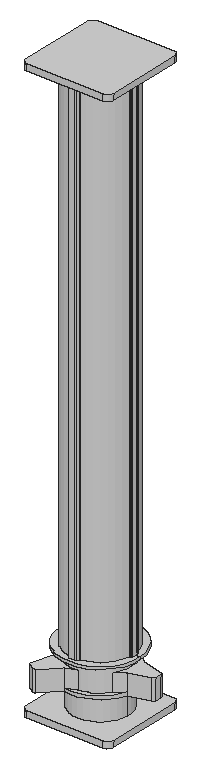
Revit family "EHL_ALUPROP 1-1,5_2220170", category Generic Models, Revit 2018
Family settings
  Can host rebar = No
  Round Connector Dimension = Use Diameter
  Part Type = Normal
  OmniClass Number = 35.51.14.00
  OmniClass Title = FORMWORK
  Work Plane-Based = Yes
  Always vertical = No
  Cut with Voids When Loaded = No
  Shared = Yes
  Room Calculation Point = No
Parameters
  VERSION = "20170217"  # constant formula
  URL = "www.ulmaconstruction.com/en"
  UNICLASS = ""
  Manufacturer = "ULMA CONSTRUCTION"  # constant formula
  ITEM_HEIGHT [instance] = if(HEIGHT < 1000.000 mm, 1000.000 mm, if(HEIGHT < 1500.000 mm, HEIGHT, 1500.000 mm))  # 1000.000 mm
  ITEM_CODE = "2220170"
  HEIGHT [instance] = 1000.000 mm
  FILTER [instance] = ""
  Default Elevation = 0.000 mm
  CLASSIFICATION_TITLE = ""
  CLASSIFICATION_NUMBER = ""
Reference planes
  plane 1 "Centro (Frontal/Posterior)": y = 0
  plane 2: z = 0
  plane 3 "Centro (Izquierda/Derecha)": x = 0
  plane 4 "ITEM_HEIGHT": z = 1000
  plane 5 "EXTERIOR TUBE": z = 53.002
  plane 6 "INSIDE TUBE": z = 915
  plane 7 "NUT": z = 106
  plane 8: z = 990
  plane 9: z = 10
  plane 10 "HEIGHT": z = 1000
Forms (mm)
  Extrusion 1, solid, material "ULMA ZINC"
    sketch origin (0, 0, 0) x (1, 0, 0) y (0, 1, 0)
      loop
        arc (-65, 75) -> (-72.071, 72.071) -> (-75, 65) r 10
        line (-75, 65) -> (-75, -65)
        arc (-75, -65) -> (-72.071, -72.071) -> (-65, -75) r 10
        line (-65, -75) -> (65, -75)
        arc (65, -75) -> (72.071, -72.071) -> (75, -65) r 10
        line (75, -65) -> (75, 65)
        arc (75, 65) -> (72.071, 72.071) -> (65, 75) r 10
        line (65, 75) -> (-65, 75)
    from 0 to 10
  Extrusion 2, solid, material "ULMA ZINC"
    sketch origin (0, 0, 0) x (1, 0, 0) y (0, 1, 0)
      loop
        circle (0, 0) r 47.5
    from 10 to 915
  Extrusion 3, solid, material "ULMA ZINC"
    sketch origin (0, 0, 740) x (1, 0, 0) y (0, 1, 0)
      loop
        arc (-65, 75) -> (-72.071, 72.071) -> (-75, 65) r 10
        line (-75, 65) -> (-75, -65)
        arc (-75, -65) -> (-72.071, -72.071) -> (-65, -75) r 10
        line (-65, -75) -> (65, -75)
        arc (65, -75) -> (72.071, -72.071) -> (75, -65) r 10
        line (75, -65) -> (75, 65)
        arc (75, 65) -> (72.071, 72.071) -> (65, 75) r 10
        line (65, 75) -> (-65, 75)
    from 250 to 260
  Extrusion 4, solid, material "ULMA ZINC"
    sketch origin (0, 0, 0) x (1, 0, 0) y (0, 1, 0)
      loop
        arc (55.325, 8.668) -> (39.598, 39.598) -> (8.668, 55.325) r 56
        arc (8.668, 55.325) -> (8.221, 55.514) -> (7.916, 55.89) r 1
        line (7.916, 55.89) -> (6.404, 59.134)
        arc (6.404, 59.134) -> (5.85, 59.765) -> (5.044, 60) r 1.5
        line (5.044, 60) -> (-5.044, 60)
        arc (-5.044, 60) -> (-5.85, 59.765) -> (-6.404, 59.134) r 1.5
        line (-6.404, 59.134) -> (-7.916, 55.89)
        arc (-7.916, 55.89) -> (-8.221, 55.514) -> (-8.668, 55.325) r 1
        arc (-8.668, 55.325) -> (-39.598, 39.598) -> (-55.325, 8.668) r 56
        arc (-55.325, 8.668) -> (-55.514, 8.221) -> (-55.89, 7.916) r 1
        line (-55.89, 7.916) -> (-59.134, 6.404)
        arc (-59.134, 6.404) -> (-59.765, 5.85) -> (-60, 5.044) r 1.5
        line (-60, 5.044) -> (-60, -5.044)
        arc (-60, -5.044) -> (-59.765, -5.85) -> (-59.134, -6.404) r 1.5
        line (-59.134, -6.404) -> (-55.89, -7.916)
        arc (-55.89, -7.916) -> (-55.514, -8.221) -> (-55.325, -8.668) r 1
        arc (-55.325, -8.668) -> (-39.598, -39.598) -> (-8.668, -55.325) r 56
        arc (-8.668, -55.325) -> (-8.221, -55.514) -> (-7.916, -55.89) r 1
        line (-7.916, -55.89) -> (-6.404, -59.134)
        arc (-6.404, -59.134) -> (-5.85, -59.765) -> (-5.044, -60) r 1.5
        line (-5.044, -60) -> (5.044, -60)
        arc (5.044, -60) -> (5.85, -59.765) -> (6.404, -59.134) r 1.5
        line (6.404, -59.134) -> (7.916, -55.89)
        arc (7.916, -55.89) -> (8.221, -55.514) -> (8.668, -55.325) r 1
        arc (8.668, -55.325) -> (39.598, -39.598) -> (55.325, -8.668) r 56
        arc (55.325, -8.668) -> (55.514, -8.221) -> (55.89, -7.916) r 1
        line (55.89, -7.916) -> (59.134, -6.404)
        arc (59.134, -6.404) -> (59.765, -5.85) -> (60, -5.044) r 1.5
        line (60, -5.044) -> (60, 5.044)
        arc (60, 5.044) -> (59.765, 5.85) -> (59.134, 6.404) r 1.5
        line (59.134, 6.404) -> (55.89, 7.916)
        arc (55.89, 7.916) -> (55.514, 8.221) -> (55.325, 8.668) r 1
    from 106 to 990
  Revolve 5, solid, material "ULMA ZINC", detail levels fine
    sketch origin (0, 0, 0) x (1, 0, 0) y (0, 0, 1)
      loop
        line (-67.5, 106) -> (-67.5, 101.7) -> (-54, 101.7) -> (-54, 58) -> (-62.5, 58) -> (-62.5, 53.002) -> (0, 53.002) -> (0, 106) -> (-67.5, 106)
      axis (0, 106) -> (0, 53.002)
    angle from 0 to 360
  Extrusion 6, solid, material "ULMA ZINC", detail levels fine
    sketch origin (0, 0, 0) x (1, 0, 0) y (0, 1, 0)
      loop
        line (-45.999, 42.313) -> (-49.88, 14.697) -> (12.212, 50.546) -> (-13.645, 60.992) -> (-40.109, 87.457)
        arc (-40.109, 87.457) -> (-42.401, 88.764) -> (-45.04, 88.722) r 5
        arc (-45.04, 88.722) -> (-49.75, 86.17) -> (-54.316, 83.367) r 99.5
        arc (-54.316, 83.367) -> (-55.671, 81.102) -> (-55.685, 78.464) r 5
        line (-55.685, 78.464) -> (-45.999, 42.313)
      loop
        line (59.643, 18.68) -> (37.668, 35.848) -> (37.668, -35.848) -> (59.643, -18.68) -> (95.794, -8.993)
        arc (95.794, -8.993) -> (98.072, -7.662) -> (99.356, -5.356) r 5
        arc (99.356, -5.356) -> (99.5, 0) -> (99.356, 5.356) r 99.5
        arc (99.356, 5.356) -> (98.072, 7.662) -> (95.794, 8.993) r 5
        line (95.794, 8.993) -> (59.643, 18.68)
      loop
        line (-13.645, -60.992) -> (12.212, -50.546) -> (-49.88, -14.697) -> (-45.999, -42.313) -> (-55.685, -78.464)
        arc (-55.685, -78.464) -> (-55.671, -81.102) -> (-54.316, -83.367) r 5
        arc (-54.316, -83.367) -> (-49.75, -86.17) -> (-45.04, -88.722) r 99.5
        arc (-45.04, -88.722) -> (-42.401, -88.764) -> (-40.109, -87.457) r 5
        line (-40.109, -87.457) -> (-13.645, -60.992)
    from 53.002 to 88
Cuts and joins
  joined: Revolve 5, Extrusion 6
Lines and regions (mm)
  model lines, style "ULMA ALUPROP", detail levels fine
    curve 1: circle (-58.362, 58.362, 0) r 6 normal (0, 0, 1)
    curve 2: circle (-25.831, 62.362, 0) r 6 normal (0, 0, 1)
    curve 3: circle (25.831, 62.362, 0) r 6 normal (0, 0, 1)
    curve 4: circle (58.362, 58.362, 0) r 6 normal (0, 0, 1)
    curve 5: circle (62.362, 25.831, 0) r 6 normal (0, 0, 1)
    curve 6: circle (62.362, -25.831, 0) r 6 normal (0, 0, 1)
    curve 7: circle (58.362, -58.362, 0) r 6 normal (0, 0, 1)
    curve 8: circle (25.831, -62.362, 0) r 6 normal (0, 0, 1)
    curve 9: circle (-25.831, -62.362, 0) r 6 normal (0, 0, 1)
    curve 10: circle (-58.362, -58.362, 0) r 6 normal (0, 0, 1)
    curve 11: circle (-62.362, -25.831, 0) r 6 normal (0, 0, 1)
    curve 12: circle (-62.362, 25.831, 0) r 6 normal (0, 0, 1)
    curve 13: circle (0, 0, 0) r 21 normal (0, 0, 1)
    curve 14: circle (-58.362, 58.362, 1000) r 6 normal (0, 0, 1)
    curve 15: circle (-25.831, 62.362, 1000) r 6 normal (0, 0, 1)
    curve 16: circle (25.831, 62.362, 1000) r 6 normal (0, 0, 1)
    curve 17: circle (58.362, 58.362, 1000) r 6 normal (0, 0, 1)
    curve 18: circle (62.362, 25.831, 1000) r 6 normal (0, 0, 1)
    curve 19: circle (62.362, -25.831, 1000) r 6 normal (0, 0, 1)
    curve 20: circle (58.362, -58.362, 1000) r 6 normal (0, 0, 1)
    curve 21: circle (25.831, -62.362, 1000) r 6 normal (0, 0, 1)
    curve 22: circle (-25.831, -62.362, 1000) r 6 normal (0, 0, 1)
    curve 23: circle (-58.362, -58.362, 1000) r 6 normal (0, 0, 1)
    curve 24: circle (-62.362, -25.831, 1000) r 6 normal (0, 0, 1)
    curve 25: circle (-62.362, 25.831, 1000) r 6 normal (0, 0, 1)
    curve 26: circle (0, 0, 1000) r 21 normal (0, 0, 1)
    curve 27: circle (-58.362, 58.362, 10) r 6 normal (0, 0, 1)
    curve 28: circle (-25.831, 62.362, 10) r 6 normal (0, 0, 1)
    curve 29: circle (25.831, 62.362, 10) r 6 normal (0, 0, 1)
    curve 30: circle (58.362, 58.362, 10) r 6 normal (0, 0, 1)
    curve 31: circle (62.362, 25.831, 10) r 6 normal (0, 0, 1)
    curve 32: circle (62.362, -25.831, 10) r 6 normal (0, 0, 1)
    curve 33: circle (58.362, -58.362, 10) r 6 normal (0, 0, 1)
    curve 34: circle (25.831, -62.362, 10) r 6 normal (0, 0, 1)
    curve 35: circle (-25.831, -62.362, 10) r 6 normal (0, 0, 1)
    curve 36: circle (-58.362, -58.362, 10) r 6 normal (0, 0, 1)
    curve 37: circle (-62.362, -25.831, 10) r 6 normal (0, 0, 1)
    curve 38: circle (-62.362, 25.831, 10) r 6 normal (0, 0, 1)
    curve 39: circle (-58.362, 58.362, 990) r 6 normal (0, 0, 1)
    curve 40: circle (-25.831, 62.362, 990) r 6 normal (0, 0, 1)
    curve 41: circle (25.831, 62.362, 990) r 6 normal (0, 0, 1)
    curve 42: circle (58.362, 58.362, 990) r 6 normal (0, 0, 1)
    curve 43: circle (62.362, 25.831, 990) r 6 normal (0, 0, 1)
    curve 44: circle (62.362, -25.831, 990) r 6 normal (0, 0, 1)
    curve 45: circle (58.362, -58.362, 990) r 6 normal (0, 0, 1)
    curve 46: circle (25.831, -62.362, 990) r 6 normal (0, 0, 1)
    curve 47: circle (-25.831, -62.362, 990) r 6 normal (0, 0, 1)
    curve 48: circle (-58.362, -58.362, 990) r 6 normal (0, 0, 1)
    curve 49: circle (-62.362, -25.831, 990) r 6 normal (0, 0, 1)
    curve 50: circle (-62.362, 25.831, 990) r 6 normal (0, 0, 1)
    curve 51: circle (0, 0, 53.002) r 47.5 normal (0, 0, 1)
Dimensions and locks
  equal spacing: plane 7 "NUT", Revolve 5 sketch curve, Revolve 5 sketch curve, plane 5 "EXTERIOR TUBE"
  locked: cut or joined group of Revolve 5, Extrusion 6 to plane 5 "EXTERIOR TUBE" at 34.998
  "ITEM_HEIGHT": plane 4 "ITEM_HEIGHT" to plane 2
  plane 4 "ITEM_HEIGHT" to plane 8 to plane 7 "NUT" to plane 5 "EXTERIOR TUBE" = 10.000 mm locked, 884.000 mm locked, 52.998 mm locked
  plane 6 "INSIDE TUBE" to plane 9 to plane 2 = 905.000 mm locked, 10.000 mm locked
  "HEIGHT": plane 10 "HEIGHT" to plane 2
  aligned and locked: level to plane 2
  aligned and locked: Extrusion 2 to Extrusion 1
  aligned and locked: plane 6 "INSIDE TUBE" to Extrusion 2
  aligned and locked: plane 4 "ITEM_HEIGHT" to Extrusion 3
  aligned and locked: Extrusion 4 to Extrusion 3
  aligned and locked: Extrusion 4 to plane 7 "NUT"
  aligned and locked: cut or joined group of Revolve 5, Extrusion 6 to plane 5 "EXTERIOR TUBE"
  aligned and locked: Extrusion 3 to plane 8
  aligned and locked: plane 9 to Extrusion 1
Automatic sketch dimensions
  plane 1 "Centro (Frontal/Posterior)" to curve 13 = 0.000 mm
  curve 13 to plane 3 "Centro (Izquierda/Derecha)" = 0.000 mm
  curve 2 to plane 3 "Centro (Izquierda/Derecha)" = 25.831 mm
  curve 9 to plane 3 "Centro (Izquierda/Derecha)" = 25.831 mm
  curve 1 to curve 2 = 32.531 mm
  curve 10 to curve 9 = 32.531 mm
  curve 11 to curve 10 = 4.000 mm
  curve 12 to curve 1 = 4.000 mm
  plane 3 "Centro (Izquierda/Derecha)" to curve 3 = 25.831 mm
  plane 3 "Centro (Izquierda/Derecha)" to curve 8 = 25.831 mm
  curve 3 to curve 4 = 32.531 mm
  curve 8 to curve 7 = 32.531 mm
  curve 4 to curve 5 = 4.000 mm
  curve 7 to curve 6 = 4.000 mm
  plane 1 "Centro (Frontal/Posterior)" to curve 11 = 25.831 mm
  plane 1 "Centro (Frontal/Posterior)" to curve 6 = 25.831 mm
  curve 7 to curve 6 = 32.531 mm
  curve 10 to curve 11 = 32.531 mm
  curve 9 to curve 10 = 4.000 mm
  curve 8 to curve 7 = 4.000 mm
  curve 12 to plane 1 "Centro (Frontal/Posterior)" = 25.831 mm
  curve 5 to plane 1 "Centro (Frontal/Posterior)" = 25.831 mm
  curve 12 to curve 1 = 32.531 mm
  curve 5 to curve 4 = 32.531 mm
  curve 1 to curve 2 = 4.000 mm
  curve 4 to curve 3 = 4.000 mm
  Extrusion 1 sketch curve to plane 3 "Centro (Izquierda/Derecha)" = 75.000 mm
  Extrusion 1 sketch curve to Extrusion 1 sketch curve = 10.000 mm  (x3)
  plane 3 "Centro (Izquierda/Derecha)" to Extrusion 1 sketch curve = 65.000 mm  (x2)
  plane 1 "Centro (Frontal/Posterior)" to Extrusion 1 sketch curve = 75.000 mm
  Extrusion 1 sketch curve to plane 1 "Centro (Frontal/Posterior)" = 65.000 mm
  plane 1 "Centro (Frontal/Posterior)" to Extrusion 2 sketch curve = 0.000 mm
  Extrusion 2 sketch curve to plane 3 "Centro (Izquierda/Derecha)" = 0.000 mm
  Extrusion 3 sketch curve to plane 3 "Centro (Izquierda/Derecha)" = 75.000 mm
  Extrusion 3 sketch curve to Extrusion 3 sketch curve = 10.000 mm  (x3)
  plane 3 "Centro (Izquierda/Derecha)" to Extrusion 3 sketch curve = 65.000 mm  (x2)
  plane 1 "Centro (Frontal/Posterior)" to Extrusion 3 sketch curve = 75.000 mm
  Extrusion 3 sketch curve to plane 1 "Centro (Frontal/Posterior)" = 65.000 mm
  Extrusion 4 sketch curve to Extrusion 4 sketch curve = 0.000 mm  (x20)
  plane 1 "Centro (Frontal/Posterior)" to Extrusion 4 sketch curve = 0.000 mm
  Extrusion 4 sketch curve to plane 3 "Centro (Izquierda/Derecha)" = 0.000 mm
  Extrusion 4 sketch curve to plane 3 "Centro (Izquierda/Derecha)" = 5.044 mm  (x2)
  Extrusion 4 sketch curve to Extrusion 4 sketch curve = 1.359 mm  (x4)
  Extrusion 4 sketch curve to Extrusion 4 sketch curve = 1.512 mm  (x4)
  Extrusion 4 sketch curve to Extrusion 4 sketch curve = 0.906 mm  (x8)
  plane 1 "Centro (Frontal/Posterior)" to Extrusion 4 sketch curve = 7.916 mm  (x2)
  Extrusion 4 sketch curve to plane 3 "Centro (Izquierda/Derecha)" = 55.890 mm
  Extrusion 4 sketch curve to plane 1 "Centro (Frontal/Posterior)" = 7.916 mm  (x2)
  Extrusion 4 sketch curve to Extrusion 4 sketch curve = 0.423 mm  (x8)
  Extrusion 4 sketch curve to Extrusion 4 sketch curve = 2.610 mm  (x8)
  Extrusion 4 sketch curve to plane 1 "Centro (Frontal/Posterior)" = 6.404 mm  (x2)
  Extrusion 4 sketch curve to Extrusion 4 sketch curve = 0.634 mm  (x6)
  plane 1 "Centro (Frontal/Posterior)" to Extrusion 4 sketch curve = 6.404 mm  (x2)
  Extrusion 4 sketch curve to Extrusion 4 sketch curve = 1.500 mm  (x2)
  plane 3 "Centro (Izquierda/Derecha)" to Extrusion 4 sketch curve = 5.044 mm  (x2)
  plane 3 "Centro (Izquierda/Derecha)" to Extrusion 4 sketch curve = 55.890 mm
  plane 1 "Centro (Frontal/Posterior)" to Extrusion 4 sketch curve = 55.890 mm
  Extrusion 4 sketch curve to plane 1 "Centro (Frontal/Posterior)" = 55.890 mm
  Revolve 5 sketch curve to plane 7 "NUT" = 0.000 mm  (x2)
  Revolve 5 sketch curve to plane 5 "EXTERIOR TUBE" = 0.000 mm  (x2)
  Revolve 5 sketch curve to plane 3 "Centro (Izquierda/Derecha)" = 0.000 mm  (x2)
  Revolve 5 sketch curve to plane 7 "NUT" = 4.300 mm
  Revolve 5 sketch curve to plane 3 "Centro (Izquierda/Derecha)" = 54.000 mm
  Revolve 5 sketch curve to Revolve 5 sketch curve = 8.500 mm
  Revolve 5 sketch curve to Revolve 5 sketch curve = 13.500 mm
  plane 5 "EXTERIOR TUBE" to Revolve 5 sketch curve = 4.998 mm
  Extrusion 6 sketch curve to Extrusion 6 sketch curve = 0.000 mm  (x7)
  plane 1 "Centro (Frontal/Posterior)" to Extrusion 6 sketch curve = 0.000 mm
  Extrusion 6 sketch curve to plane 3 "Centro (Izquierda/Derecha)" = 0.000 mm
  Extrusion 6 sketch curve to plane 3 "Centro (Izquierda/Derecha)" = 13.645 mm  (x2)
  Extrusion 6 sketch curve to Extrusion 6 sketch curve = 26.464 mm  (x2)
  Extrusion 6 sketch curve to Extrusion 6 sketch curve = 3.536 mm  (x4)
  Extrusion 6 sketch curve to Extrusion 6 sketch curve = 32.354 mm  (x2)
  plane 1 "Centro (Frontal/Posterior)" to Extrusion 6 sketch curve = 14.697 mm
  Extrusion 6 sketch curve to Extrusion 6 sketch curve = 3.881 mm  (x2)
  Extrusion 6 sketch curve to plane 1 "Centro (Frontal/Posterior)" = 14.697 mm
  Extrusion 6 sketch curve to Extrusion 6 sketch curve = 7.211 mm  (x2)
  Extrusion 6 sketch curve to Extrusion 6 sketch curve = 4.830 mm  (x2)
  plane 3 "Centro (Izquierda/Derecha)" to Extrusion 6 sketch curve = 12.212 mm  (x2)
  Extrusion 6 sketch curve to Extrusion 6 sketch curve = 25.457 mm
  plane 1 "Centro (Frontal/Posterior)" to Extrusion 6 sketch curve = 18.680 mm
  Extrusion 6 sketch curve to Extrusion 6 sketch curve = 21.975 mm  (x2)
  Extrusion 6 sketch curve to plane 1 "Centro (Frontal/Posterior)" = 18.680 mm
  Extrusion 6 sketch curve to plane 1 "Centro (Frontal/Posterior)" = 4.163 mm
  Extrusion 6 sketch curve to Extrusion 6 sketch curve = 34.857 mm
  plane 1 "Centro (Frontal/Posterior)" to Extrusion 6 sketch curve = 4.163 mm
  plane 1 "Centro (Frontal/Posterior)" to Extrusion 6 sketch curve = 8.993 mm
  Extrusion 6 sketch curve to Extrusion 6 sketch curve = 1.294 mm  (x4)
  Extrusion 6 sketch curve to plane 1 "Centro (Frontal/Posterior)" = 8.993 mm
  Extrusion 6 sketch curve to Extrusion 6 sketch curve = 17.169 mm  (x2)
  Extrusion 6 sketch curve to Extrusion 6 sketch curve = 27.615 mm  (x2)
  Extrusion 6 sketch curve to Extrusion 6 sketch curve = 14.697 mm  (x2)
  Extrusion 6 sketch curve to Extrusion 6 sketch curve = 10.447 mm  (x2)
  Extrusion 6 sketch curve to Extrusion 6 sketch curve = 36.151 mm  (x2)
  Extrusion 6 sketch curve to Extrusion 6 sketch curve = 4.163 mm  (x2)
  Extrusion 6 sketch curve to Extrusion 6 sketch curve = 1.395 mm  (x2)
  Extrusion 6 sketch curve to Extrusion 6 sketch curve = 4.856 mm
  curve 25 to Extrusion 3 = 12.638 mm
  curve 24 to Extrusion 3 = 12.638 mm
  curve 23 to Extrusion 3 = 16.638 mm  (x2)
  curve 14 to Extrusion 3 = 16.638 mm  (x2)
  curve 22 to Extrusion 3 = 12.638 mm
  curve 23 to curve 22 = 32.531 mm
  curve 15 to Extrusion 3 = 12.638 mm
  curve 14 to curve 15 = 32.531 mm
  curve 15 to curve 26 = 25.831 mm
  curve 16 to Extrusion 3 = 12.638 mm
  curve 16 to Extrusion 3 = 49.169 mm
  curve 21 to Extrusion 3 = 12.638 mm
  curve 21 to Extrusion 3 = 49.169 mm
  curve 17 to Extrusion 3 = 16.638 mm  (x2)
  curve 20 to Extrusion 3 = 16.638 mm  (x2)
  curve 18 to Extrusion 3 = 12.638 mm
  curve 19 to Extrusion 3 = 12.638 mm
  curve 20 to curve 19 = 32.531 mm
  curve 23 to curve 24 = 32.531 mm
  curve 26 to curve 15 = 62.362 mm
  curve 25 to Extrusion 3 = 49.169 mm
  curve 18 to Extrusion 3 = 49.169 mm
  curve 37 to Extrusion 1 = 12.638 mm
  curve 38 to Extrusion 1 = 12.638 mm
  curve 36 to Extrusion 1 = 16.638 mm  (x2)
  curve 27 to Extrusion 1 = 16.638 mm  (x2)
  curve 28 to Extrusion 1 = 12.638 mm
  curve 27 to curve 28 = 32.531 mm
  curve 35 to Extrusion 1 = 12.638 mm
  curve 36 to curve 35 = 32.531 mm
  curve 34 to Extrusion 1 = 12.638 mm
  curve 34 to Extrusion 1 = 49.169 mm
  curve 29 to Extrusion 1 = 12.638 mm
  curve 29 to Extrusion 1 = 49.169 mm
  curve 30 to Extrusion 1 = 16.638 mm  (x2)
  curve 33 to Extrusion 1 = 16.638 mm  (x2)
  curve 32 to Extrusion 1 = 12.638 mm
  curve 31 to Extrusion 1 = 12.638 mm
  curve 33 to curve 32 = 32.531 mm
  curve 36 to curve 37 = 32.531 mm
  curve 38 to Extrusion 1 = 49.169 mm
  curve 31 to Extrusion 1 = 49.169 mm
  Extrusion 3 to curve 49 = 12.638 mm
  Extrusion 3 to curve 50 = 12.638 mm
  Extrusion 3 to curve 48 = 16.638 mm  (x2)
  Extrusion 3 to curve 39 = 16.638 mm  (x2)
  Extrusion 3 to curve 40 = 12.638 mm
  curve 39 to curve 40 = 32.531 mm
  Extrusion 3 to curve 47 = 12.638 mm
  curve 48 to curve 47 = 32.531 mm
  Extrusion 3 to curve 46 = 12.638 mm
  Extrusion 3 to curve 46 = 49.169 mm
  Extrusion 3 to curve 41 = 12.638 mm
  Extrusion 3 to curve 41 = 49.169 mm
  Extrusion 3 to curve 42 = 16.638 mm  (x2)
  Extrusion 3 to curve 45 = 16.638 mm  (x2)
  Extrusion 3 to curve 44 = 12.638 mm
  Extrusion 3 to curve 43 = 12.638 mm
  curve 45 to curve 44 = 32.531 mm
  curve 48 to curve 49 = 32.531 mm
  Extrusion 3 to curve 50 = 49.169 mm
  Extrusion 3 to curve 43 = 49.169 mm
  radius of curve 1 = 6.000 mm
  radius of curve 2 = 6.000 mm
  radius of curve 3 = 6.000 mm
  radius of curve 4 = 6.000 mm
  radius of curve 5 = 6.000 mm
  radius of curve 6 = 6.000 mm
  radius of curve 7 = 6.000 mm
  radius of curve 8 = 6.000 mm
  radius of curve 9 = 6.000 mm
  radius of curve 10 = 6.000 mm
  radius of curve 11 = 6.000 mm
  radius of curve 12 = 6.000 mm
  radius of curve 13 = 21.000 mm
  radius of Extrusion 2 sketch curve = 47.500 mm
  radius of curve 14 = 6.000 mm
  radius of curve 15 = 6.000 mm
  radius of curve 16 = 6.000 mm
  radius of curve 17 = 6.000 mm
  radius of curve 18 = 6.000 mm
  radius of curve 19 = 6.000 mm
  radius of curve 20 = 6.000 mm
  radius of curve 21 = 6.000 mm
  radius of curve 22 = 6.000 mm
  radius of curve 23 = 6.000 mm
  radius of curve 24 = 6.000 mm
  radius of curve 25 = 6.000 mm
  radius of curve 26 = 21.000 mm
  radius of curve 27 = 6.000 mm
  radius of curve 28 = 6.000 mm
  radius of curve 29 = 6.000 mm
  radius of curve 30 = 6.000 mm
  radius of curve 31 = 6.000 mm
  radius of curve 32 = 6.000 mm
  radius of curve 33 = 6.000 mm
  radius of curve 34 = 6.000 mm
  radius of curve 35 = 6.000 mm
  radius of curve 36 = 6.000 mm
  radius of curve 37 = 6.000 mm
  radius of curve 38 = 6.000 mm
  radius of curve 39 = 6.000 mm
  radius of curve 40 = 6.000 mm
  radius of curve 41 = 6.000 mm
  radius of curve 42 = 6.000 mm
  radius of curve 43 = 6.000 mm
  radius of curve 44 = 6.000 mm
  radius of curve 45 = 6.000 mm
  radius of curve 46 = 6.000 mm
  radius of curve 47 = 6.000 mm
  radius of curve 48 = 6.000 mm
  radius of curve 49 = 6.000 mm
  radius of curve 50 = 6.000 mm
  radius of curve 51 to Revolve 5 = 15.000 mm
